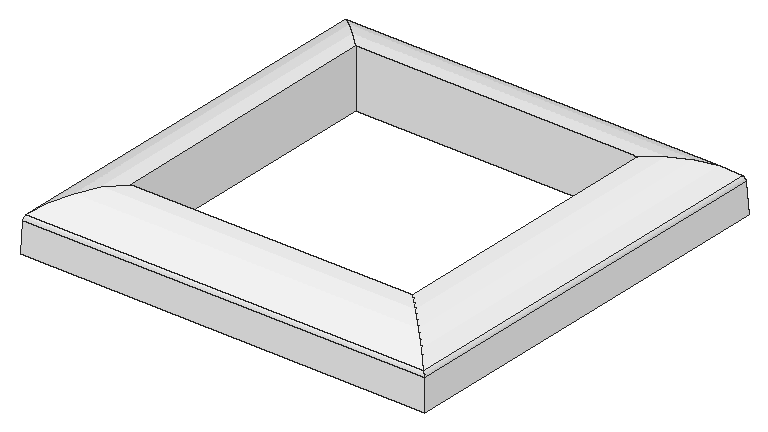
Revit family "Gira_109129", category Electrical Fixtures, host Face, Revit 2017
Family settings
  Host = Face
  Maintain Annotation Orientation = No
  Round Connector Dimension = Use Diameter
  Part Type = Normal
  Cut with Voids When Loaded = No
  Shared = No
  Room Calculation Point = No
Parameters
  Werkstoffgüte = "Thermoplast"
  Werkstoff = "Kunststoff"
  URL = "https://www.gira.de/"
  Typname = "Abdeckrahmen 1f BSF Gira E2 Reinweiß"
  Transparent = no
  Textfeld/Beschriftungsfläche = yes
  Schutzart (IP) = "IP20"
  RAL-Nummer (ähnlich) = 9010
  Produktseite = "http://katalog.gira.de/de_DE/datenblatt.html?artikelnr=109129"
  Oberfläche = "sonstige"
  Montagerichtung = "horizontal und vertikal"
  Mit Montagerahmen = no
  Mit Klappdeckel = no
  Manufacturer = "Gira"
  Halogenfrei = yes
  HAN = "109129"
  Geeignet für Unterputz-Installation = yes
  Geeignet für Unterflurkanaldose = no
  Geeignet für Geräteeinbaukanal = no
  Geeignet für Einbauinstallation = no
  GTIN = "4010337084068"
  Farbe = "weiß"
  Datenblatt = "https://katalog.gira.de/de_DE/download.html?artikelnr=109129"
  Description = "Abdeckrahmen Gira E2 mit Beschriftungsfeld Reinweiß glänzend 1fach Merkmale: - Bruchsicher. - Sprühnebeldicht. - Abdeckrahmen mit transparentem Sichtfenster zur Beschriftung der Einsätze. - Besonders geeignet für Objekte, in denen Elektroinstallation gekennzeichnet und dokumentiert werden muss, bspw. in Verwaltungen, gewerblichen Betrieben, Flughäfen, Unternehmen und Krankenhäusern.  Hinweise : - Nicht zu verwenden mit: Dichtungsset IP44, Aufputz-Gehäuse flache Bauweise, Aufputz-Gehäuse."
  Befestigungsart = "Klemmbefestigung"
  Keynote = "Std55_Rahmen_1fach"
  Default Elevation = 1219.2 mm
  BIM = "https://media.stage.bim.site/public/gira/876eb45/Std55_Rahmen_1fach.rfa"
  Ausführung der Oberfläche = "glänzend"
  Anzahl der Einheiten vertikal = 1
  Anzahl der Einheiten = 1
Reference planes
  plane 1 "Center (Front/Back)": y = 0
  plane 2: z = 0
  plane 3 "Center (Left/Right)": x = 0
  plane 4: y = -40.3
  plane 5: y = 40.3
  plane 6: x = 40.3
  plane 7: x = -40.3
Forms (mm)
  Sweep 1, solid, material "White", detail levels fine
    path origin (0, 0, 0) x (1, 0, 0) y (0, 1, 0)
      loop
        line (40.3, 40.3) -> (-40.3, 40.3) -> (-40.3, -40.3) -> (40.3, -40.3) -> (40.3, 40.3)
    profile origin (0, 40.3, 0) x (0, -1, 0) y (0, 0, 1)
      loop
        arc (12.22, 11.373) -> (5.983, 10.294) -> (0.641, 6.901) r 16.145
        arc (0.641, 6.901) -> (0.395, 6.426) -> (0.309, 5.898) r 1.694
        line (0.309, 5.898) -> (0, 0) -> (12.319, 0) -> (12.22, 11.373)
  Extrusion 2, solid, material "White", detail levels coarse+medium
    sketch origin (0, 0, 0) x (1, 0, 0) y (0, 1, 0)
      loop
        line (40.3, 40.3) -> (-40.3, 40.3) -> (-40.3, -40.3) -> (40.3, -40.3) -> (40.3, 40.3)
    from 0 to 11.373
Lines and regions (mm)
  reference lines
    curve 1: line (0, 40.3, 0) -> (0, -40.3, 0)
Dimensions and locks
  aligned and locked: plane 2 to host face
  aligned and locked: level to host face
